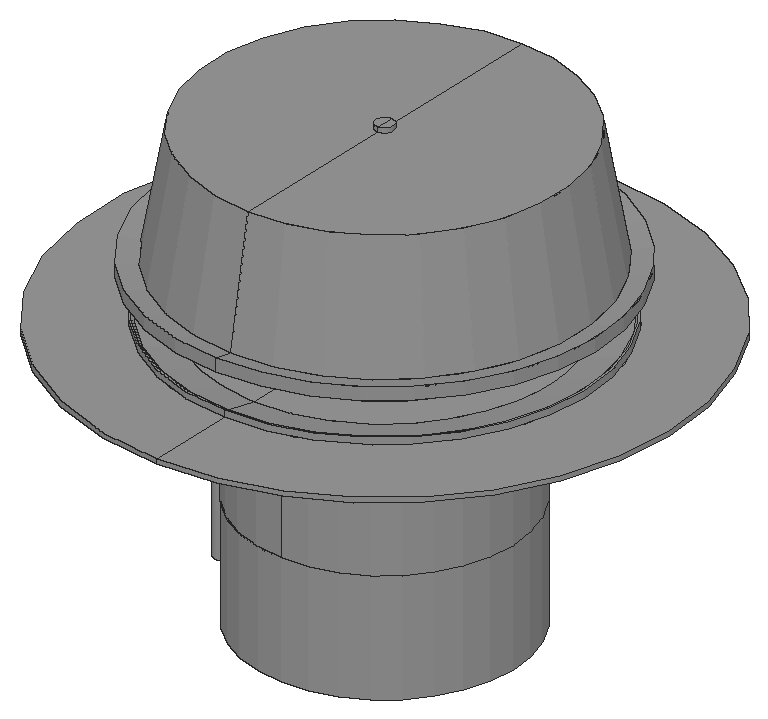
Revit family "HL_RU_Roof drain_HL62.1Safe-B-221103", category Instalační zařizovací předměty, Revit 2021
Family settings
  Kóta kulaté spojky = Použít průměr
  Typ dílu = Normální
  Číslo OmniClass = 23.70.50.21.24.14
  Nadpis OmniClass = Deck Waste Water Drains
  Založené na pracovní rovině = Ne
  Vždy vertikální = Ano
  Ořezat dutým tvarem při načtení = Ne
  Sdílené = Ne
  Bod výpočtu místnosti = Ano
Parameters (values of type "HL_Кровельная воронка_HL62.1Safe_5")
  РЕШЁТКА = "Laubfangkorb d 262 mm"
  РАЗМЕР = "DN160"
  ПРОПУСКНАЯ СПОСОБНОСТЬ [instance] = 0.0 L/s
  ПРОИЗВОДИТЕЛЬНОСТЬ = "l/s"
  ПРАВОВАЯ ИНФОРМАЦИЯ = "Авторские права(©), права на дизайн или какие либо другие права интелектуальной собственности являются исключительной собственностью компании HL Hutterer & Lechner. Изменению не подлежит. Файл семейства с данными о прозводителе изделия защищен паролем с водяным знаком."
  НОМИНАЛЬНЫЙ ДИАМЕТР = 160 mm
  МАТЕРИАЛ = "PP"
  ВЫСОТА МОНТАЖА = "100mm"
  ВЕС = "3,234 [kg]"
  Výchozí výška = 0 mm
  Výrobce = "HL Hutterer & Lechner GmbH"  # constant formula
  URL = "http://www.hutterer-lechner.com/ru/products/catalog/roof-drains/HL62.1Safe/5.aspx"
  Материал плитка [instance] = none
  Přípoj ventilace = no
  Přípoj odpadních dílů = yes
  Přípoj HW = no
  Přípoj CW = no
  Popis = "Кровельные воронки"
  Model = "HL62.1Safe_5"
  Komentáře k typům = "HL62.1Safe/5, Воронка для аварийного водостока DN160 с электрообогревом, с возможностью регулировки толщины слоя воды"
  Keynote = "HL62.1Safe_5"
  EAN = "9003076040308"
  Bысота монтажа [instance] = 28 mm  # constant formula
  G [instance] = 180.00°  # constant formula
  D [instance] = 67 mm + Bысота монтажа  # 95 mm
  C [instance] = if(Bысота монтажа - 68 mm < 0 mm, 0 mm, Bысота монтажа - 68 mm)  # 0 mm
  B [instance] = 100 mm  # constant formula
  A [instance] = if(B - 100 mm > 15 mm, B - 100 mm, 15 mm)  # 15 mm
Types (5, lengths in mm): name | РАЗМЕР | ПРОИЗВОДИТЕЛЬНОСТЬ | НОМИНАЛЬНЫЙ ДИАМЕТР | ВЕС | URL | Model | Komentáře k typům | Keynote | EAN
  (no name) | "DN75" | "see Download" | 75 | "3,154 [kg]" | "http://www.hutterer-lechner.com/ru/products/catalog/roof-drains/HL62.1Safe/7.aspx" | "HL62.1Safe_7" | "HL62.1Safe/7, Воронка для аварийного водостока DN75 с электрообогревом, с возможностью регулировки толщины слоя воды" | "HL62.1Safe_7" | "9003076040315"
  HL_Кровельная воронка_HL62.1Safe_1 | "DN110" | "see Download" | 110 | "3,174 [kg]" | "http://www.hutterer-lechner.com/ru/products/catalog/roof-drains/HL62.1Safe/1.aspx" | "HL62.1Safe_1" | "HL62.1Safe/1, Воронка для аварийного водостока DN110 с электрообогревом, с возможностью регулировки толщины слоя воды" | "HL62.1Safe_1" | "9003076040285"
  HL_Кровельная воронка_HL62.1Safe_2 | "DN125" | "l/s" | 125 | "3,214 [kg]" | "http://www.hutterer-lechner.com/ru/products/catalog/roof-drains/HL62.1Safe/2.aspx" | "HL62.1Safe_2" | "HL62.1Safe/2, Воронка для аварийного водостока DN125 с электрообогревом, с возможностью регулировки толщины слоя воды" | "HL62.1Safe_2" | "9003076040292"
  HL_Кровельная воронка_HL62.1Safe_5 | "DN160" | "l/s" | 160 | "3,234 [kg]" | "http://www.hutterer-lechner.com/ru/products/catalog/roof-drains/HL62.1Safe/5.aspx" | "HL62.1Safe_5" | "HL62.1Safe/5, Воронка для аварийного водостока DN160 с электрообогревом, с возможностью регулировки толщины слоя воды" | "HL62.1Safe_5" | "9003076040308"
  HL_Кровельная воронка_HL62.1Safe_7 | "DN75" | "see Download" | 75 | "3,154 [kg]" | "http://www.hutterer-lechner.com/ru/products/catalog/roof-drains/HL62.1Safe/7.aspx" | "HL62.1Safe_7" | "HL62.1Safe/7, Воронка для аварийного водостока DN75 с электрообогревом, с возможностью регулировки толщины слоя воды" | "HL62.1Safe_7" | "9003076040315"
Reference planes
  plane 1 "Center (Front/Back)": y = 0
  plane 2: z = 0
  plane 3 "Center (Left/Right)": x = 0
  plane 4: z = -100
  plane 5: z = -28
Lines and regions (mm)
  model lines, style "InvisibleLines"
    curve 1: line (0, 0, 0) -> (0, 0, 20)
  model lines, style "PlumbingFixtures", detail levels coarse+medium
    curve 2: line (0, 0, -100) -> (0, 0, -85)
    curve 3: line (0, 0, -85) -> (-85, 0, 0)
    curve 4: line (0, 0, -85) -> (85, 0, 0)
    curve 6: line (0, 0, -100) -> (0, 0, -195)
  reference lines, not visible
    curve 5: line (0, 0, -100) -> (0, 0, -195)
  symbolic lines, style "PlumbingFixtures", detail levels coarse+medium
    curve 7: line (-75, 75, 0) -> (75, 75, 0)
    curve 8: line (-75, -75, 0) -> (-75, 75, 0)
    curve 9: line (75, -75, 0) -> (-75, -75, 0)
    curve 10: line (75, 75, 0) -> (75, -75, 0)
    curve 11: line (-75, 75, 0) -> (-145.711, 145.711, 0)
    curve 12: line (75, 75, 0) -> (145.711, 145.711, 0)
    curve 13: line (-75, -75, 0) -> (-145.711, -145.711, 0)
    curve 14: line (75, -75, 0) -> (145.711, -145.711, 0)
  symbolic lines, style "PlumbingFixtures", not visible, detail levels coarse+medium
    curve 15: line (-75, 75, 0) -> (75, 75, 0)
    curve 16: line (-75, -75, 0) -> (-75, 75, 0)
    curve 17: line (75, -75, 0) -> (-75, -75, 0)
    curve 18: line (75, 75, 0) -> (75, -75, 0)
    curve 19: line (-75, 75, 0) -> (-145.711, 145.711, 0)
    curve 20: line (75, 75, 0) -> (145.711, 145.711, 0)
    curve 21: line (-75, -75, 0) -> (-145.711, -145.711, 0)
    curve 22: line (75, -75, 0) -> (145.711, -145.711, 0)
Text (mm)
  text "FLOOR" at (-162.344, 0, -10.979), in view "Drain Construction View"
Dimensions and locks
  "B": plane 2 to plane 4
  "Bысота монтажа": plane 2 to plane 5
  "A": curve 4 to plane 4
  "D": curve 5 to curve 5
  "D": curve 6 to curve 6
  locked: curve 4 to plane 3 "Center (Left/Right)" (angle 45.00°)
  locked: plane 3 "Center (Left/Right)" to curve 3 (angle 45.00°)
  "G": angle curve 5 to plane 3 "Center (Left/Right)"
  aligned and locked: level to plane 2
  aligned and locked: plane 2 to curve 4
  aligned and locked: plane 2 to curve 3
  aligned and locked: plane 4 to curve 5
  aligned and locked: plane 3 "Center (Left/Right)" to curve 5
  aligned and locked: plane 4 to curve 2
  aligned and locked: curve 6 to plane 3 "Center (Left/Right)"
  aligned and locked: curve 6 to plane 4
  aligned and locked: plane 5 to nested 1
  aligned and locked: nested 1 to plane 3 "Center (Left/Right)"
  aligned and locked: nested 2 to plane 2
  aligned and locked: plane 3 "Center (Left/Right)" to nested 2
Automatic sketch dimensions
  curve 2 to plane 3 "Center (Left/Right)" = 0 mm
  curve 1 to plane 3 "Center (Left/Right)" = 0 mm
  curve 1 to level = 0 mm
  level to curve 1 = 20 mm
Nested families
  nested 1: "HL_кровельные воронки - корпус_HL62.1" at (0, 0, -28), НОМИНАЛЬНЫЙ ДИАМЕТР <- "НОМИНАЛЬНЫЙ ДИАМЕТР", type "HL_кровельные воронки - корпус_HL62.1"
    with НОМИНАЛЬНЫЙ ДИАМЕТР 160 mm, OOD 100 mm
  nested 2: "HL_Вспомогательные материалы-Противопожарная защита_HL062.1Safe" at (0, 0, 0), Bысота монтажа <- "Bысота монтажа", type "HL_Вспомогательные материалы-Противопожарная защита_HL062.1Safe"
    with Пропускная способность 0.0 L/s, L 58 mm, IHmin 28 mm, IHmax 68 mm, Bысота монтажа 28 mm
Connectors
  piping at (0, 0, -195), diameter 160, driven by "ПРОПУСКНАЯ СПОСОБНОСТЬ", driven by "НОМИНАЛЬНЫЙ ДИАМЕТР"
    settings: on curve 5, index 1, connector inside diameter 609.6 mm, connector length 0 mm, flow factor 0, pipe flow 0.0 L/s, pressure drop 0.0 Pa, fitting loss kfactor 0, connector angle 0.00°, fixture units 0, engagement length 0 mm, angle of deflection 0.00°, flow configuration 1, flow direction 2, fitting loss method 0, system type 16, joint type 0, gender type 0, connector reference index -1, connector utility 0, adjustable connector yes, is connector primary yes, connector description ""
Definition of nested family "HL_кровельные воронки - корпус_HL62.1"
  Parameters (values of type "HL_кровельные воронки - корпус_HL62.1")
    НОМИНАЛЬНЫЙ ДИАМЕТР [instance] = 160 mm
    Default Elevation = 0 mm
    Manufacturer = ""
    URL = ""
    Description = ""
    OOD [instance] = if((80 mm - НОМИНАЛЬНЫЙ ДИАМЕТР / 2) / 2 + НОМИНАЛЬНЫЙ ДИАМЕТР / 2 > 75 mm, 100 mm, (80 mm - НОМИНАЛЬНЫЙ ДИАМЕТР / 2) / 2 + НОМИНАЛЬНЫЙ ДИАМЕТР / 2)  # 100 mm
    Model = ""
    Type Comments = ""
    Cost = 0
  Reference planes
    plane 1 "Střed (vpředu/vzadu)": y = 0
    plane 2: z = 0
    plane 3 "Střed (vlevo/vpravo)": x = 0
  Forms (mm)
    Revolve 1, solid, detail levels fine
      sketch origin (0, 0, 0) x (0, 1, 0) y (0, 0, 1)
        loop
          line (177, -3) -> (177, 0) -> (124.39, 0) -> (112.255, 0) -> (101.905, -2.2) -> (79.004, -2.2) -> (79.004, -22.024) -> (74.451, -22.024) -> (74.451, -35.37) -> (0, -35.37) -> (0, -97.967) -> (79.982, -97.967) -> (79.982, -31.54) -> (86.489, -31.54) -> (86.489, -28.04) -> (101.489, -28.04) -> (101.489, -13.704) -> (130.898, -3) -> (177, -3)
        axis (0, 0) -> (0, -97.967)
      angle from 0 to 360
    Revolve 2, solid, detail levels fine
      sketch origin (0, 0, 0) x (0, 1, 0) y (0, 0, 1)
        loop
          line (124.39, 0) -> (124.39, 4) -> (123.297, 4) -> (122.033, 3.115) -> (101.733, -1.2) -> (79.004, -1.2) -> (79.004, -2.2) -> (101.905, -2.2) -> (112.255, 0) -> (124.39, 0)
        axis (0, 4) -> (0, -2.2)
      angle from 0 to 360
    Extrusion 3, solid, detail levels fine
      sketch origin (0, 0, 0) x (0.707107, 0.707107, 0) y (-0.707107, 0.707107, 0)
        loop
          circle (0, 0) r 80
      from -167 to -97.967
    Sweep 4, solid, detail levels fine
      path origin (-100, 0, -67.213) x (0, 0, -1) y (1, 0, 0)
        loop
          line (98.966, 0) -> (27.716, 0)
          arc (27.716, 0) -> (15.095, 5.228) -> (9.868, 17.848) r 17.848
          line (9.868, 17.848) -> (9.868, 35)
      profile origin (-100, 0, -130.554) x (-1, 0, 0) y (0, -1, 0)
        loop
          circle (0, 0) r 5.8
  Lines and regions (mm)
    reference lines
      curve 1: line (-100, 0, -67.213) -> (-100, 0, -292.213)
  Dimensions and locks
    "OOD": curve 1 to plane 3 "Střed (vlevo/vpravo)"
    "НОМИНАЛЬНЫЙ ДИАМЕТР": diameter of Extrusion 3 sketch curve
    aligned and locked: level to plane 2
  Automatic sketch dimensions
    Revolve 2 sketch curve to plane 1 "Střed (vpředu/vzadu)" = 0 mm
    level to Revolve 2 sketch curve = 0 mm
    Revolve 2 sketch curve to level = 1.2 mm
    Revolve 2 sketch curve to plane 1 "Střed (vpředu/vzadu)" = 79.004 mm
    Revolve 2 sketch curve to Revolve 2 sketch curve = 22.729 mm
    Revolve 2 sketch curve to level = 2.2 mm
    Revolve 2 sketch curve to Revolve 2 sketch curve = 0.172 mm
    Revolve 2 sketch curve to Revolve 2 sketch curve = 10.35 mm
    level to Revolve 2 sketch curve = 3.115 mm
    Revolve 2 sketch curve to Revolve 2 sketch curve = 9.777 mm
    Revolve 2 sketch curve to Revolve 2 sketch curve = 1.264 mm
    Revolve 2 sketch curve to Revolve 2 sketch curve = 1.093 mm
    Revolve 2 sketch curve to Revolve 2 sketch curve = 0.885 mm
    Revolve 2 sketch curve to level = 66.573 mm
    level to Revolve 2 sketch curve = 22.174 mm
    Revolve 1 sketch curve to plane 1 "Střed (vpředu/vzadu)" = 0 mm  (x2)
    level to Revolve 1 sketch curve = 0 mm
    Revolve 1 sketch curve to Revolve 1 sketch curve = 74.451 mm
    Revolve 1 sketch curve to Revolve 1 sketch curve = 4.553 mm
    Revolve 1 sketch curve to Revolve 1 sketch curve = 6.507 mm
    Revolve 1 sketch curve to Revolve 1 sketch curve = 15 mm
    Revolve 1 sketch curve to level = 2.2 mm
    Revolve 1 sketch curve to Revolve 1 sketch curve = 0.416 mm
    Revolve 1 sketch curve to Revolve 1 sketch curve = 10.35 mm
    Revolve 1 sketch curve to Revolve 1 sketch curve = 12.135 mm
    Revolve 1 sketch curve to level = 3 mm
    Revolve 1 sketch curve to Revolve 1 sketch curve = 6.508 mm
    Revolve 1 sketch curve to Revolve 1 sketch curve = 46.102 mm
    Revolve 1 sketch curve to Revolve 1 sketch curve = 11.504 mm
    Revolve 1 sketch curve to Revolve 1 sketch curve = 19.824 mm
    Revolve 1 sketch curve to Revolve 1 sketch curve = 14.336 mm
    Revolve 1 sketch curve to Revolve 1 sketch curve = 3.5 mm
    level to Revolve 1 sketch curve = 30 mm
    Revolve 1 sketch curve to Revolve 1 sketch curve = 270 mm
    Revolve 1 sketch curve to Revolve 1 sketch curve = 5.531 mm
    Revolve 1 sketch curve to Revolve 1 sketch curve = 3.83 mm
    Revolve 1 sketch curve to Revolve 1 sketch curve = 62.597 mm
    plane 1 "Střed (vpředu/vzadu)" to Sweep 4 sketch curve = 0 mm
    Sweep 4 sketch curve to profile plane = 0 mm
    curve 1 to Sweep 4 sketch curve = 0 mm
    curve 1 to Sweep 4 sketch curve = 9.868 mm
    Sweep 4 sketch curve to Sweep 4 sketch curve = 17.848 mm
    Sweep 4 sketch curve to Sweep 4 sketch curve = 71.25 mm
    curve 1 to Sweep 4 sketch curve = 35 mm
    curve 1 to level = 292.213 mm
    curve 1 to level = 67.213 mm
    plane 1 "Střed (vpředu/vzadu)" to Extrusion 3 sketch curve = 0 mm
    Extrusion 3 sketch curve to plane 3 "Střed (vlevo/vpravo)" = 0 mm
    radius of Sweep 4 sketch curve = 5.8 mm
Definition of nested family "HL_Вспомогательные материалы-Противопожарная защита_HL062.1Safe"
  Parameters (values of type "HL_Вспомогательные материалы-Противопожарная защита_HL062.1Safe")
    РЕШЁТКА = "Laubfangkorb d 262 mm"
    ПРАВОВАЯ ИНФОРМАЦИЯ = "Авторские права(©), права на дизайн или какие либо другие права интелектуальной собственности являются исключительной собственностью компании HL Hutterer & Lechner. Изменению не подлежит. Файл семейства с данными о прозводителе изделия защищен паролем с водяным знаком."
    МАТЕРИАЛ = "PP"
    ВЕС = "1,25 [kg]"
    Default Elevation = 0 mm
    Manufacturer = "HL Hutterer & Lechner GmbH"
    URL = "http://www.hutterer-lechner.com/ru/products/catalog/roof-drains/HL062.1Safe.aspx"
    Материал плитка = none
    Description = "Кровельные воронки"
    Model = "HL062.1Safe"
    L [instance] = if(Bысота монтажа < IHmin, -100 mm, if(Bысота монтажа > IHmax, -100 mm, Bысота монтажа + 30 mm))  # 58 mm
    Type Comments = "HL062.1Safe, Вставка в воронку для аварийного водоотведения"
    Keynote = "HL062.1Safe"
    Bысота монтажа [instance] = 28 mm
    IHmin [instance] = 28 mm
    IHmax [instance] = 68 mm
    Пропускная способность [instance] = 0.0 L/s
    EAN = "9003076040605"
    Cost = 0
  Reference planes
    plane 1 "Střed (vpředu/vzadu)": y = 0
    plane 2: z = 0
    plane 3 "Střed (vlevo/vpravo)": x = 0
  Forms (mm)
    Revolve 1, solid, detail levels fine
      sketch origin (0, 0, 0) x (0, 1, 0) y (0, 0, 1)
        loop
          line (0, 81.1) -> (-5.25, 81.1) -> (-5.25, 78.5) -> (-106.614, 78.5) -> (-119.486, 5.5) -> (-101.611, 5.5) -> (-90.568, 68.124) -> (0, 68.124) -> (0, 81.1)
        axis (0, 81.1) -> (0, 5.5)
      angle from 0 to 360
    Extrusion 2, solid, detail levels fine
      sketch origin (0, 0, 68.124) x (-1, 0, 0) y (0, 1, 0)
        loop
          circle (-50, 0) r 11.945
      from 0 to 82.224
    Extrusion 3, solid, detail levels fine
      sketch origin (-100, 0, 68.124) x (-1, 0, 0) y (0, 1, 0)
        loop
          circle (-50, 0) r 11.945
      from 0 to 82.224
    Revolve 4, solid, detail levels fine
      sketch origin (0, 0, 0) x (0, 1, 0) y (0, 0, 1)
        loop
          line (-130.983, 7.735) -> (-130.983, 0) -> (-69.061, 0) -> (-64.445, -4.616) -> (-64.445, -65.123) -> (-63.068, -66.5) -> (-58.068, -66.5) -> (-58.068, -4.58) -> (-68.148, 5.5) -> (-119.486, 5.5) -> (-130.983, 7.735)
        axis (0, 7.735) -> (0, -66.5)
      angle from 0 to 360
    Revolve 5, solid, detail levels fine
      sketch origin (0, 69.895, -58) x (0, -1, 0) y (0, 0, -1)
        loop
          line (149.29, -29.5) -> (149.29, -9.5) -> (139.79, 0) -> (134.34, 0) -> (134.34, -44) -> (138.069, -44) -> (138.069, -29.5) -> (149.29, -29.5)
        axis (69.895, -44) -> (69.895, 0)
      angle from 0 to 360
  Lines and regions (mm)
    reference lines
      curve 1: line (0, 69.895, -58) -> (0, -190.105, -58)
  Dimensions and locks
    "L": curve 1 to plane 2
    aligned and locked: level to plane 2
  Automatic sketch dimensions
    Revolve 1 sketch curve to plane 1 "Střed (vpředu/vzadu)" = 0 mm  (x2)
    plane 1 "Střed (vpředu/vzadu)" to Revolve 1 sketch curve = 5.25 mm
    Revolve 1 sketch curve to Revolve 1 sketch curve = 85.318 mm
    level to Revolve 1 sketch curve = 5.5 mm
    Revolve 1 sketch curve to Revolve 1 sketch curve = 11.042 mm
    Revolve 1 sketch curve to Revolve 1 sketch curve = 16.046 mm
    Revolve 1 sketch curve to Revolve 1 sketch curve = 17.876 mm
    Revolve 1 sketch curve to Revolve 1 sketch curve = 62.624 mm
    Revolve 1 sketch curve to Revolve 1 sketch curve = 10.376 mm
    Revolve 1 sketch curve to Revolve 1 sketch curve = 2.6 mm
    Revolve 1 sketch curve to Revolve 1 sketch curve = 40 mm
    Revolve 1 sketch curve to Revolve 1 sketch curve = 25 mm
    Extrusion 2 sketch curve to Revolve 1 = 50 mm
    Revolve 1 to Extrusion 3 sketch curve = 50 mm
    level to Revolve 4 sketch curve = 0 mm
    Revolve 4 sketch curve to plane 1 "Střed (vpředu/vzadu)" = 0 mm
    plane 1 "Střed (vpředu/vzadu)" to Revolve 4 sketch curve = 58.068 mm
    Revolve 4 sketch curve to Revolve 4 sketch curve = 5 mm
    Revolve 4 sketch curve to Revolve 4 sketch curve = 1.377 mm  (x2)
    Revolve 4 sketch curve to Revolve 4 sketch curve = 3.703 mm
    Revolve 4 sketch curve to Revolve 4 sketch curve = 0.913 mm
    level to Revolve 4 sketch curve = 5.5 mm
    Revolve 4 sketch curve to Revolve 4 sketch curve = 50.425 mm
    Revolve 4 sketch curve to Revolve 4 sketch curve = 11.497 mm
    Revolve 4 sketch curve to level = 4.58 mm
    Revolve 4 sketch curve to level = 4.616 mm
    Revolve 4 sketch curve to Revolve 4 sketch curve = 60.507 mm
    level to Revolve 4 sketch curve = 7.735 mm
    Revolve 4 sketch curve to Revolve 4 sketch curve = 10 mm
    Revolve 4 sketch curve to Revolve 4 sketch curve = 35 mm
    Revolve 5 sketch curve to curve 1 = 0 mm
    curve 1 to Revolve 5 sketch curve = 44 mm
    Revolve 5 sketch curve to curve 1 = 125.66 mm
    Revolve 5 sketch curve to Revolve 5 sketch curve = 3.729 mm
    Revolve 5 sketch curve to Revolve 5 sketch curve = 5.45 mm
    Revolve 5 sketch curve to Revolve 5 sketch curve = 11.221 mm
    Revolve 5 sketch curve to Revolve 5 sketch curve = 14.5 mm
    curve 1 to Revolve 5 sketch curve = 9.5 mm
    curve 1 to Revolve 5 sketch curve = 69.895 mm
    Revolve 5 sketch curve to curve 1 = 15 mm
    Revolve 5 sketch curve to Revolve 5 sketch curve = 40 mm
    plane 1 "Střed (vpředu/vzadu)" to curve 1 = 190.105 mm
    curve 1 to plane 1 "Střed (vpředu/vzadu)" = 69.895 mm
    radius of Extrusion 2 sketch curve = 11.945 mm
    radius of Extrusion 3 sketch curve = 11.945 mm
